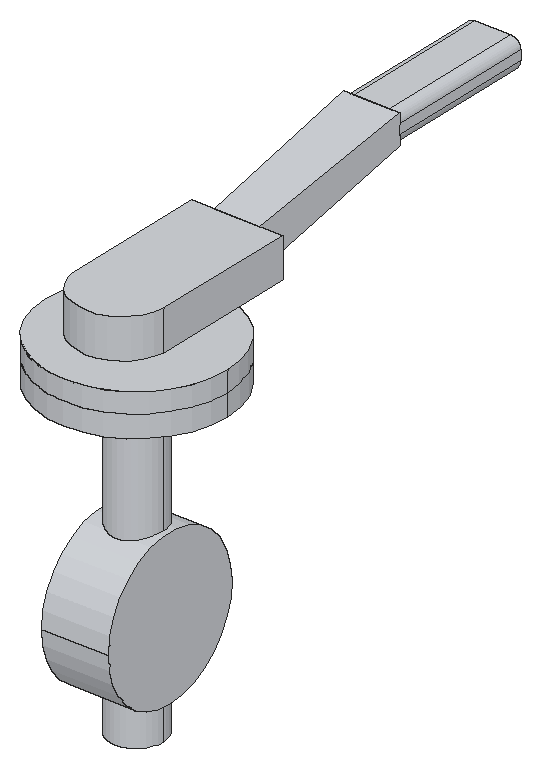
Revit family "HS497-67_disk-litina-s pákou DN040-RFA_2018", category Pipe Accessories, Revit 2018
Family settings
  Round Connector Dimension = Use Diameter
  Part Type = Valve - Breaks Into
  Work Plane-Based = No
  Always vertical = Yes
  Cut with Voids When Loaded = No
  Shared = No
Parameters (values of type "HS 497-67_DN040_PN16_s pákou")
  magiProductId = "c1b522ca65b4407a98818f232eaacb"
  magiProductFamilyId = "53cea81e6f374d17b8841d9c72ad77"
  magiPartTypeId = 305
  isMeasuringValve [instance] = no
  ang2D [instance] = 0.00°
  X11 = 61.456 mm
  X1 = 25.456 mm
  W2D = 1000 mm
  VersionID = "2.0/2017.9.26.1/ZETKAMA_497_001"
  Use Minimum Symbol Size [instance] = yes
  URL = "http://www.hydronic.cz"
  Type Comments = "mezipřírubová; litinový disk; PN16; -10~+110°C (krátkodobě +120°C)"
  SW30 = no
  SW3 = no
  SW21 = no
  SW20 = yes
  SW2 = yes
  SW1 = no
  R = 20 mm
  QmdConnectorList = "301;D;302;D"
  Productdata [instance] = ""
  NC = 50 mm
  Model = ""
  Manufacturer = "Hydronic Systems Prague s.r.o."
  MM20 = 25.456 mm
  MC Product Code = "120 040 (litinový disk, s pákou; DN40; PN16, kvs78)"
  M41 = 66 mm
  M4 = 44 mm
  LHL = 220 mm
  LHH3 = 2.45 mm
  LHH1 = 46.55 mm
  LH1 = 73.333 mm
  L4R__ve = -L4R  # -12.8 mm
  L4R = 12.8 mm
  L42__ve = -L42  # -96 mm
  L42 = 96 mm
  L41__ve = -L41  # -19.2 mm
  L41 = 19.2 mm
  L2D_Min = 3048 mm
  L2D = 216 mm
  L2 = 16.5 mm
  L1 = 26.4 mm
  L = 33 mm
  H = 30 mm
  G22 = 11.25 mm
  G2 = 22.5 mm
  G1 = 90 mm
  G = 90 mm
  F = 11 mm
  E44 = 31.25 mm
  E42 = 62.5 mm
  E4 = 125 mm
  E23 = 4.9 mm
  E22 = 19.6 mm
  E21 = 9.8 mm
  Description = "Mezipřírubová uzavírací klapka s pákou; litinový disk, DN40; PN16; kvs78"
  DR2 = 20 mm
  DR = 76 mm
  DD1 = 15.625 mm
  DD = 12.5 mm
  D = 40 mm
  CAT0 = yes
  B2__ve = -B2  # -36 mm
  B2 = 36 mm
  A2 = 11 mm
  A1 = 79 mm
Types (43, lengths in mm): name | magiProductId | X11 | X1 | Type Comments | SW30 | SW3 | SW20 | SW2 | SW1 | R | NC | MM20 | MC Product Code | M41 | M4 | LHL | LHH3 | LHH1 | LH1 | L4R__ve | L4R | L42__ve | L42 | L41__ve | L41 | L2 | L1 | L | H | G | F | E44 | E42 | E4 | E23 | E22 | E21 | Description | DR2 | DR | DD1 | DD | D | B2__ve | B2 | A2 | A1
  HS 497-67_DN100_PN16_volné vřeteno | "65d1b245f4f142c78569c0602d5754" | 61.456 | 25.456 | "mezipřírubová; litinový disk; PN16; -10~+110°C (krátkodobě +120°C)" | no | no | no | no | yes | 50 | 50 | 25.456 | "123 100 (litinový disk, s volným vřetenem; DN100; PN16, kvs512)" | 66 | 44 | 220 | 2.45 | 46.55 | 73.333 | -12.8 | 12.8 | -96 | 96 | -19.2 | 19.2 | 26 | 41.6 | 52 | 30 | 90 | 11 | 31.25 | 62.5 | 125 | 4.9 | 19.6 | 9.8 | "Mezipřírubová uzavírací klapka s volným vřetenem; litinový disk, DN100; PN16; kvs512" | 50 | 147 | 15.625 | 12.5 | 100 | -56 | 56 | 16.5 | 98.5
  HS 497-67_DN100_PN16_převodové kolo | "11e91b807e674d428c8e796fcdcfe2" | 61.456 | 25.456 | "mezipřírubová; litinový disk; PN16; -10~+110°C (krátkodobě +120°C)" | yes | yes | no | no | no | 50 | 50 | 25.456 | "125 100 (litinový disk, s převodovým kolem; DN100; PN16, kvs512)" | 65.25 | 43.5 | 220 | 2.45 | 46.55 | 73.333 | -12.8 | 12.8 | -96 | 96 | -19.2 | 19.2 | 26 | 41.6 | 52 | 30 | 90 | 11 | 31.25 | 62.5 | 125 | 4.9 | 19.6 | 9.8 | "Mezipřírubová uzavírací klapka s převodovým kolem; litinový disk, DN100; PN16; kvs512" | 50 | 147 | 15.625 | 12.5 | 100 | -56 | 56 | 16.5 | 98.5
  HS 497-67_DN100_PN16_s pákou | "28172f0b3f4b47b28323ac71cf8749" | 61.456 | 25.456 | "mezipřírubová; litinový disk; PN16; -10~+110°C (krátkodobě +120°C)" | no | no | yes | yes | no | 50 | 50 | 25.456 | "120 100 (litinový disk, s pákou; DN100; PN16, kvs512)" | 66 | 44 | 260 | 3 | 57 | 86.667 | -12.8 | 12.8 | -96 | 96 | -19.2 | 19.2 | 26 | 41.6 | 52 | 30 | 90 | 11 | 31.25 | 62.5 | 125 | 6 | 24 | 12 | "Mezipřírubová uzavírací klapka s pákou; litinový disk, DN100; PN16; kvs512" | 50 | 147 | 15.625 | 12.5 | 100 | -56 | 56 | 16.5 | 98.5
  HS 497-67_DN125_PN16_volné vřeteno | "0d813d910fc14f628bb3c2efbd185c" | 61.456 | 25.456 | "mezipřírubová; litinový disk; PN16; -10~+110°C (krátkodobě +120°C)" | no | no | no | no | yes | 62.5 | 50 | 25.456 | "123 125 (litinový disk, s volným vřetenem; DN125; PN16, kvs872)" | 66 | 44 | 220 | 2.45 | 46.55 | 73.333 | -12.8 | 12.8 | -96 | 96 | -19.2 | 19.2 | 28 | 44.8 | 56 | 33 | 90 | 14 | 31.25 | 62.5 | 125 | 4.9 | 19.6 | 9.8 | "Mezipřírubová uzavírací klapka s volným vřetenem; litinový disk, DN125; PN16; kvs872" | 62.5 | 180 | 15.625 | 12.5 | 125 | -64 | 64 | 18 | 99.5
  HS 497-67_DN125_PN16_převodové kolo | "c56b7c13f372467684996fb1e0e229" | 61.456 | 25.456 | "mezipřírubová; litinový disk; PN16; -10~+110°C (krátkodobě +120°C)" | yes | yes | no | no | no | 62.5 | 50 | 25.456 | "125 125 (litinový disk, s převodovým kolem; DN125; PN16, kvs872)" | 65.25 | 43.5 | 220 | 2.45 | 46.55 | 73.333 | -13.5 | 13.5 | -101.25 | 101.25 | -20.25 | 20.25 | 28 | 44.8 | 56 | 33 | 90 | 14 | 40 | 80 | 160 | 4.9 | 19.6 | 9.8 | "Mezipřírubová uzavírací klapka s převodovým kolem; litinový disk, DN125; PN16; kvs872" | 62.5 | 180 | 20 | 16 | 125 | -64 | 64 | 18 | 99.5
  HS 497-67_DN125_PN16_s pákou | "105993c79a91492399feef7931321a" | 61.456 | 25.456 | "mezipřírubová; litinový disk; PN16; -10~+110°C (krátkodobě +120°C)" | no | no | yes | yes | no | 62.5 | 50 | 25.456 | "120 125 (litinový disk, s pákou; DN125; PN16, kvs872)" | 66 | 44 | 315 | 3.75 | 71.25 | 105 | -12.8 | 12.8 | -96 | 96 | -19.2 | 19.2 | 28 | 44.8 | 56 | 33 | 90 | 14 | 31.25 | 62.5 | 125 | 7.5 | 30 | 15 | "Mezipřírubová uzavírací klapka s pákou; litinový disk, DN125; PN16; kvs872" | 62.5 | 180 | 15.625 | 12.5 | 125 | -64 | 64 | 18 | 99.5
  HS 497-67_DN150_PN16_volné vřeteno | "50c80cb8ab434f55ab7796e5ac1331" | 61.456 | 25.456 | "mezipřírubová; litinový disk; PN16; -10~+110°C (krátkodobě +120°C)" | no | no | no | no | yes | 75 | 50 | 25.456 | "123 150 (litinový disk, s volným vřetenem; DN150; PN16, kvs1347)" | 66 | 44 | 220 | 2.45 | 46.55 | 73.333 | -12.8 | 12.8 | -96 | 96 | -19.2 | 19.2 | 28 | 44.8 | 56 | 33 | 90 | 14 | 31.25 | 62.5 | 125 | 4.9 | 19.6 | 9.8 | "Mezipřírubová uzavírací klapka s volným vřetenem; litinový disk, DN150; PN16; kvs1347" | 75 | 206 | 15.625 | 12.5 | 150 | -58 | 58 | 19.3 | 98.7
  HS 497-67_DN150_PN16_převodové kolo | "d94a1a0cf83b476eb10011b327f709" | 61.456 | 25.456 | "mezipřírubová; litinový disk; PN16; -10~+110°C (krátkodobě +120°C)" | yes | yes | no | no | no | 75 | 50 | 25.456 | "125 150 (litinový disk, s převodovým kolem; DN150; PN16, kvs1347)" | 65.25 | 43.5 | 220 | 2.45 | 46.55 | 73.333 | -13.5 | 13.5 | -101.25 | 101.25 | -20.25 | 20.25 | 28 | 44.8 | 56 | 33 | 90 | 14 | 40 | 80 | 160 | 4.9 | 19.6 | 9.8 | "Mezipřírubová uzavírací klapka s převodovým kolem; litinový disk, DN150; PN16; kvs1347" | 75 | 206 | 20 | 16 | 150 | -58 | 58 | 19.3 | 98.7
  HS 497-67_DN150_PN16_s pákou | "4d2835523fe84828bc50ff0a5a0dfb" | 61.456 | 25.456 | "mezipřírubová; litinový disk; PN16; -10~+110°C (krátkodobě +120°C)" | no | no | yes | yes | no | 75 | 50 | 25.456 | "120 150 (litinový disk, s pákou; DN150; PN16, kvs1347)" | 66 | 44 | 315 | 3.75 | 71.25 | 105 | -12.8 | 12.8 | -96 | 96 | -19.2 | 19.2 | 28 | 44.8 | 56 | 33 | 90 | 14 | 31.25 | 62.5 | 125 | 7.5 | 30 | 15 | "Mezipřírubová uzavírací klapka s pákou; litinový disk, DN150; PN16; kvs1347" | 75 | 206 | 15.625 | 12.5 | 150 | -58 | 58 | 19.3 | 98.7
  HS 497-67_DN200_PN16_volné vřeteno | "5b29029eaeba47139ee1055a4b9201" | 61.456 | 25.456 | "mezipřírubová; litinový disk; PN16; -10~+110°C (krátkodobě +120°C)" | no | no | no | no | yes | 100 | 50 | 25.456 | "123 200 (litinový disk, s volným vřetenem; DN200; PN16, kvs2675)" | 66 | 44 | 220 | 2.45 | 46.55 | 73.333 | -12.8 | 12.8 | -96 | 96 | -19.2 | 19.2 | 30 | 48 | 60 | 33 | 90 | 17 | 31.25 | 62.5 | 125 | 4.9 | 19.6 | 9.8 | "Mezipřírubová uzavírací klapka s volným vřetenem; litinový disk, DN200; PN16; kvs2675" | 100 | 257 | 15.625 | 12.5 | 200 | -70 | 70 | 22.5 | 102.5
  HS 497-67_DN200_PN16_převodové kolo | "b2793cc1fcc44cf2a35062cd67c04f" | 61.456 | 25.456 | "mezipřírubová; litinový disk; PN16; -10~+110°C (krátkodobě +120°C)" | yes | yes | no | no | no | 100 | 57 | 25.456 | "125 200 (litinový disk, s převodovým kolem; DN200; PN16, kvs2675)" | 78.75 | 52.5 | 220 | 2.45 | 46.55 | 73.333 | -15.2 | 15.2 | -114 | 114 | -22.8 | 22.8 | 30 | 48 | 60 | 33 | 90 | 17 | 50 | 100 | 200 | 4.9 | 19.6 | 9.8 | "Mezipřírubová uzavírací klapka s převodovým kolem; litinový disk, DN200; PN16; kvs2675" | 100 | 257 | 25 | 20 | 200 | -70 | 70 | 22.5 | 102.5
  HS 497-67_DN200_PN16_s pákou | "f88d96c7af224537a51e72d7d8fffe" | 61.456 | 25.456 | "mezipřírubová; litinový disk; PN16; -10~+110°C (krátkodobě +120°C)" | no | no | yes | yes | no | 100 | 50 | 25.456 | "120 200 (litinový disk, s pákou; DN200; PN16, kvs2675)" | 66 | 44 | 315 | 3.75 | 71.25 | 105 | -12.8 | 12.8 | -96 | 96 | -19.2 | 19.2 | 30 | 48 | 60 | 33 | 90 | 17 | 31.25 | 62.5 | 125 | 7.5 | 30 | 15 | "Mezipřírubová uzavírací klapka s pákou; litinový disk, DN200; PN16; kvs2675" | 100 | 257 | 15.625 | 12.5 | 200 | -70 | 70 | 22.5 | 102.5
  HS 497-67_DN250_PN16_volné vřeteno | "b662e8305ca2402b9c510e66e6aa55" | 88.77 | 36.77 | "mezipřírubová; litinový disk; PN16; -10~+110°C (krátkodobě +120°C)" | no | no | no | no | yes | 125 | 50 | 36.77 | "123 250 (litinový disk, s volným vřetenem; DN250; PN16, kvs4555)" | 66 | 44 | 220 | 2.45 | 46.55 | 73.333 | -12.8 | 12.8 | -96 | 96 | -19.2 | 19.2 | 34 | 54.4 | 68 | 23 | 130 | 22 | 31.25 | 62.5 | 125 | 4.9 | 19.6 | 9.8 | "Mezipřírubová uzavírací klapka s volným vřetenem; litinový disk, DN250; PN16; kvs4555" | 125 | 324 | 15.625 | 12.5 | 250 | -85 | 85 | 28.25 | 129.25
  HS 497-67_DN250_PN16_převodové kolo | "5ee9016806664ddfaa2632711f295c" | 88.77 | 36.77 | "mezipřírubová; litinový disk; PN16; -10~+110°C (krátkodobě +120°C)" | yes | yes | no | no | no | 125 | 70 | 36.77 | "125 250 (litinový disk, s převodovým kolem; DN250; PN16, kvs4555)" | 91.5 | 61 | 220 | 2.45 | 46.55 | 73.333 | -22.2 | 22.2 | -166.5 | 166.5 | -33.3 | 33.3 | 34 | 54.4 | 68 | 23 | 130 | 22 | 62.5 | 125 | 250 | 4.9 | 19.6 | 9.8 | "Mezipřírubová uzavírací klapka s převodovým kolem; litinový disk, DN250; PN16; kvs4555" | 125 | 324 | 31.25 | 25 | 250 | -85 | 85 | 28.25 | 129.25
  HS 497-67_DN300_PN16_volné vřeteno | "e1886f51ff004380a649519258edf2" | 88.77 | 36.77 | "mezipřírubová; litinový disk; PN16; -10~+110°C (krátkodobě +120°C)" | no | no | no | no | yes | 150 | 50 | 36.77 | "123 300 (litinový disk, s volným vřetenem; DN300; PN16, kvs7037)" | 66 | 44 | 220 | 2.45 | 46.55 | 73.333 | -12.8 | 12.8 | -96 | 96 | -19.2 | 19.2 | 39 | 62.4 | 78 | 23 | 130 | 22 | 31.25 | 62.5 | 125 | 4.9 | 19.6 | 9.8 | "Mezipřírubová uzavírací klapka s volným vřetenem; litinový disk, DN300; PN16; kvs7037" | 150 | 376 | 15.625 | 12.5 | 300 | -90 | 90 | 30.8 | 127.2
  HS 497-67_DN300_PN16_převodové kolo | "6860f094f77d42088fbebc3c97f755" | 88.77 | 36.77 | "mezipřírubová; litinový disk; PN16; -10~+110°C (krátkodobě +120°C)" | yes | yes | no | no | no | 150 | 70 | 36.77 | "125 300 (litinový disk, s převodovým kolem; DN300; PN16, kvs7037)" | 91.5 | 61 | 220 | 2.45 | 46.55 | 73.333 | -22.2 | 22.2 | -166.5 | 166.5 | -33.3 | 33.3 | 39 | 62.4 | 78 | 23 | 130 | 22 | 62.5 | 125 | 250 | 4.9 | 19.6 | 9.8 | "Mezipřírubová uzavírací klapka s převodovým kolem; litinový disk, DN300; PN16; kvs7037" | 150 | 376 | 31.25 | 25 | 300 | -90 | 90 | 30.8 | 127.2
  HS 497-67_DN032_PN16_volné vřeteno | "8c5f65de52aa4067a77564107e31b2" | 61.456 | 25.456 | "mezipřírubová; litinový disk; PN16; -10~+110°C (krátkodobě +120°C)" | no | no | no | no | yes | 16 | 50 | 25.456 | "123 032 (litinový disk, s volným vřetenem; DN32; PN16, kvs78)" | 66 | 44 | 220 | 2.45 | 46.55 | 73.333 | -12.8 | 12.8 | -96 | 96 | -19.2 | 19.2 | 16.5 | 26.4 | 33 | 30 | 90 | 11 | 31.25 | 62.5 | 125 | 4.9 | 19.6 | 9.8 | "Mezipřírubová uzavírací klapka s volným vřetenem; litinový disk, DN32; PN16; kvs78" | 16 | 68 | 15.625 | 12.5 | 32 | -44.2 | 44.2 | 10.25 | 76.25
  HS 497-67_DN032_PN16_převodové kolo | "60aaeffa8b3a4e809ef000e4660060" | 61.456 | 25.456 | "mezipřírubová; litinový disk; PN16; -10~+110°C (krátkodobě +120°C)" | yes | yes | no | no | no | 16 | 50 | 25.456 | "125 032 (litinový disk, s převodovým kolem; DN32; PN16, kvs78)" | 65.25 | 43.5 | 220 | 2.45 | 46.55 | 73.333 | -12.8 | 12.8 | -96 | 96 | -19.2 | 19.2 | 16.5 | 26.4 | 33 | 30 | 90 | 11 | 31.25 | 62.5 | 125 | 4.9 | 19.6 | 9.8 | "Mezipřírubová uzavírací klapka s převodovým kolem; litinový disk, DN32; PN16; kvs78" | 16 | 68 | 15.625 | 12.5 | 32 | -44.2 | 44.2 | 10.25 | 76.25
  HS 497-67_DN032_PN16_s pákou | "9ad8088d610749a1b871aa2aad8007" | 61.456 | 25.456 | "mezipřírubová; litinový disk; PN16; -10~+110°C (krátkodobě +120°C)" | no | no | yes | yes | no | 16 | 50 | 25.456 | "120 032 (litinový disk, s pákou; DN32; PN16, kvs78)" | 66 | 44 | 220 | 2.45 | 46.55 | 73.333 | -12.8 | 12.8 | -96 | 96 | -19.2 | 19.2 | 16.5 | 26.4 | 33 | 30 | 90 | 11 | 31.25 | 62.5 | 125 | 4.9 | 19.6 | 9.8 | "Mezipřírubová uzavírací klapka s pákou; litinový disk, DN32; PN16; kvs78" | 16 | 68 | 15.625 | 12.5 | 32 | -44.2 | 44.2 | 10.25 | 76.25
  HS 497-67_DN350_PN10_volné vřeteno | "72a1e05f22944421b7e9596a877137" | 109.255 | 45.255 | "mezipřírubová; litinový disk; PN10; -10~+110°C (krátkodobě +120°C)" | no | no | no | no | yes | 175 | 50 | 45.255 | "123 350 (litinový disk, s volným vřetenem; DN350; PN10, kvs10165)" | 66 | 44 | 220 | 2.45 | 46.55 | 73.333 | -12.8 | 12.8 | -96 | 96 | -19.2 | 19.2 | 39 | 62.4 | 78 | 31 | 160 | 22 | 31.25 | 62.5 | 125 | 4.9 | 19.6 | 9.8 | "Mezipřírubová uzavírací klapka s volným vřetenem; litinový disk, DN350; PN10; kvs10165" | 175 | 430 | 15.625 | 12.5 | 350 | -88 | 88 | 33.85 | 129.65
  HS 497-67_DN350_PN10_převodové kolo | "a5a01426cb28494ba3afca92f1dace" | 109.255 | 45.255 | "mezipřírubová; litinový disk; PN10; -10~+110°C (krátkodobě +120°C)" | yes | yes | no | no | no | 175 | 70 | 45.255 | "125 350 (litinový disk, s převodovým kolem; DN350; PN10, kvs10165)" | 91.5 | 61 | 220 | 2.45 | 46.55 | 73.333 | -22.2 | 22.2 | -166.5 | 166.5 | -33.3 | 33.3 | 39 | 62.4 | 78 | 31 | 160 | 22 | 62.5 | 125 | 250 | 4.9 | 19.6 | 9.8 | "Mezipřírubová uzavírací klapka s převodovým kolem; litinový disk, DN350; PN10; kvs10165" | 175 | 430 | 31.25 | 25 | 350 | -88 | 88 | 33.85 | 129.65
  HS 497-67_DN400_PN10_volné vřeteno | "c70ebeb927c04ab99b176e257ad0a7" | 109.255 | 45.255 | "mezipřírubová; litinový disk; PN10; -10~+110°C (krátkodobě +120°C)" | no | no | no | no | yes | 200 | 50 | 45.255 | "123 400 (litinový disk, s volným vřetenem; DN400; PN10, kvs13799)" | 66 | 44 | 220 | 2.45 | 46.55 | 73.333 | -12.8 | 12.8 | -96 | 96 | -19.2 | 19.2 | 51 | 81.6 | 102 | 31 | 160 | 27 | 31.25 | 62.5 | 125 | 4.9 | 19.6 | 9.8 | "Mezipřírubová uzavírací klapka s volným vřetenem; litinový disk, DN400; PN10; kvs13799" | 200 | 485 | 15.625 | 12.5 | 400 | -108 | 108 | 38 | 142
  HS 497-67_DN400_PN10_převodové kolo | "cc64a4384dcb41b780d81810f4f293" | 109.255 | 45.255 | "mezipřírubová; litinový disk; PN10; -10~+110°C (krátkodobě +120°C)" | yes | yes | no | no | no | 200 | 72.5 | 45.255 | "125 400 (litinový disk, s převodovým kolem; DN400; PN10, kvs13799)" | 103.5 | 69 | 220 | 2.45 | 46.55 | 73.333 | -27.8 | 27.8 | -208.5 | 208.5 | -41.7 | 41.7 | 51 | 81.6 | 102 | 31 | 160 | 27 | 75 | 150 | 300 | 4.9 | 19.6 | 9.8 | "Mezipřírubová uzavírací klapka s převodovým kolem; litinový disk, DN400; PN10; kvs13799" | 200 | 485 | 37.5 | 30 | 400 | -108 | 108 | 38 | 142
  HS 497-67_DN040_PN16_volné vřeteno | "35f92312390745e88df5b5c325d9ee" | 61.456 | 25.456 | "mezipřírubová; litinový disk; PN16; -10~+110°C (krátkodobě +120°C)" | no | no | no | no | yes | 20 | 50 | 25.456 | "123 040 (litinový disk, s volným vřetenem; DN40; PN16, kvs78)" | 66 | 44 | 220 | 2.45 | 46.55 | 73.333 | -12.8 | 12.8 | -96 | 96 | -19.2 | 19.2 | 16.5 | 26.4 | 33 | 30 | 90 | 11 | 31.25 | 62.5 | 125 | 4.9 | 19.6 | 9.8 | "Mezipřírubová uzavírací klapka s volným vřetenem; litinový disk, DN40; PN16; kvs78" | 20 | 76 | 15.625 | 12.5 | 40 | -36 | 36 | 11 | 79
  HS 497-67_DN040_PN16_převodové kolo | "d88e968eae3445bc9b7b4e6ff35127" | 61.456 | 25.456 | "mezipřírubová; litinový disk; PN16; -10~+110°C (krátkodobě +120°C)" | yes | yes | no | no | no | 20 | 50 | 25.456 | "125 040 (litinový disk, s převodovým kolem; DN40; PN16, kvs78)" | 65.25 | 43.5 | 220 | 2.45 | 46.55 | 73.333 | -12.8 | 12.8 | -96 | 96 | -19.2 | 19.2 | 16.5 | 26.4 | 33 | 30 | 90 | 11 | 31.25 | 62.5 | 125 | 4.9 | 19.6 | 9.8 | "Mezipřírubová uzavírací klapka s převodovým kolem; litinový disk, DN40; PN16; kvs78" | 20 | 76 | 15.625 | 12.5 | 40 | -36 | 36 | 11 | 79
  HS 497-67_DN040_PN16_s pákou | "c1b522ca65b4407a98818f232eaacb" | 61.456 | 25.456 | "mezipřírubová; litinový disk; PN16; -10~+110°C (krátkodobě +120°C)" | no | no | yes | yes | no | 20 | 50 | 25.456 | "120 040 (litinový disk, s pákou; DN40; PN16, kvs78)" | 66 | 44 | 220 | 2.45 | 46.55 | 73.333 | -12.8 | 12.8 | -96 | 96 | -19.2 | 19.2 | 16.5 | 26.4 | 33 | 30 | 90 | 11 | 31.25 | 62.5 | 125 | 4.9 | 19.6 | 9.8 | "Mezipřírubová uzavírací klapka s pákou; litinový disk, DN40; PN16; kvs78" | 20 | 76 | 15.625 | 12.5 | 40 | -36 | 36 | 11 | 79
  HS 497-67_DN450_PN10_volné vřeteno | "a8358bc282f14872b3194e530e590a" | 129.74 | 53.74 | "mezipřírubová; litinový disk; PN10; -10~+110°C (krátkodobě +120°C)" | no | no | no | no | yes | 225 | 50 | 53.74 | "123 450 (litinový disk, s volným vřetenem; DN450; PN10, kvs18514)" | 66 | 44 | 220 | 2.45 | 46.55 | 73.333 | -12.8 | 12.8 | -96 | 96 | -19.2 | 19.2 | 57 | 91.2 | 114 | 38 | 190 | 36 | 31.25 | 62.5 | 125 | 4.9 | 19.6 | 9.8 | "Mezipřírubová uzavírací klapka s volným vřetenem; litinový disk, DN450; PN10; kvs18514" | 225 | 536 | 15.625 | 12.5 | 450 | -115 | 115 | 38.05 | 117.45
  HS 497-67_DN450_PN10_převodové kolo | "cdf2d80f54a9414f9cbe50647c0ebd" | 129.74 | 53.74 | "mezipřírubová; litinový disk; PN10; -10~+110°C (krátkodobě +120°C)" | yes | yes | no | no | no | 225 | 91.5 | 53.74 | "125 450 (litinový disk, s převodovým kolem; DN450; PN10, kvs18514)" | 144.75 | 96.5 | 220 | 2.45 | 46.55 | 73.333 | -32.1 | 32.1 | -240.75 | 240.75 | -48.15 | 48.15 | 57 | 91.2 | 114 | 38 | 190 | 36 | 100 | 200 | 400 | 4.9 | 19.6 | 9.8 | "Mezipřírubová uzavírací klapka s převodovým kolem; litinový disk, DN450; PN10; kvs18514" | 225 | 536 | 50 | 40 | 450 | -115 | 115 | 38.05 | 117.45
  HS 497-67_DN500_PN10_volné vřeteno | "8c396e27bb2743f98f3c762b6517cd" | 143.397 | 59.397 | "mezipřírubová; litinový disk; PN10; -10~+110°C (krátkodobě +120°C)" | no | no | no | no | yes | 250 | 50 | 59.397 | "123 500 (litinový disk, s volným vřetenem; DN500; PN10, kvs23805)" | 66 | 44 | 220 | 2.45 | 46.55 | 73.333 | -12.8 | 12.8 | -96 | 96 | -19.2 | 19.2 | 63.5 | 101.6 | 127 | 38 | 210 | 36 | 31.25 | 62.5 | 125 | 4.9 | 19.6 | 9.8 | "Mezipřírubová uzavírací klapka s volným vřetenem; litinový disk, DN500; PN10; kvs23805" | 250 | 593 | 15.625 | 12.5 | 500 | -130 | 130 | 43.25 | 139.25
  HS 497-67_DN500_PN10_převodové kolo | "7647804f32e94cef828a7034a91a46" | 143.397 | 59.397 | "mezipřírubová; litinový disk; PN10; -10~+110°C (krátkodobě +120°C)" | yes | yes | no | no | no | 250 | 91.5 | 59.397 | "125 500 (litinový disk, s převodovým kolem; DN500; PN10, kvs23805)" | 144.75 | 96.5 | 220 | 2.45 | 46.55 | 73.333 | -32.1 | 32.1 | -240.75 | 240.75 | -48.15 | 48.15 | 63.5 | 101.6 | 127 | 38 | 210 | 36 | 100 | 200 | 400 | 4.9 | 19.6 | 9.8 | "Mezipřírubová uzavírací klapka s převodovým kolem; litinový disk, DN500; PN10; kvs23805" | 250 | 593 | 50 | 40 | 500 | -130 | 130 | 43.25 | 139.25
  HS 497-67_DN050_volné vřeteno | "d71f296ecd6d4adf8f6e5d9853b4e0" | 61.456 | 25.456 | "mezipřírubová; litinový disk; PN16; -10~+110°C (krátkodobě +120°C)" | no | no | no | no | yes | 25 | 50 | 25.456 | "123 050 (litinový disk, s volným vřetenem; DN50; PN16, kvs98)" | 66 | 44 | 220 | 2.45 | 46.55 | 73.333 | -12.8 | 12.8 | -96 | 96 | -19.2 | 19.2 | 21.5 | 34.4 | 43 | 30 | 90 | 11 | 31.25 | 62.5 | 125 | 4.9 | 19.6 | 9.8 | "Mezipřírubová uzavírací klapka s volným vřetenem; litinový disk, DN50; PN16; kvs98" | 25 | 100 | 15.625 | 12.5 | 50 | -36.5 | 36.5 | 12 | 83
  HS 497-67_DN050_PN16_převodové kolo | "2fb080deeaed49c58418b94c1da5a4" | 61.456 | 25.456 | "mezipřírubová; litinový disk; PN16; -10~+110°C (krátkodobě +120°C)" | yes | yes | no | no | no | 25 | 50 | 25.456 | "125 050 (litinový disk, s převodovým kolem; DN50; PN16, kvs98)" | 65.25 | 43.5 | 220 | 2.45 | 46.55 | 73.333 | -12.8 | 12.8 | -96 | 96 | -19.2 | 19.2 | 21.5 | 34.4 | 43 | 30 | 90 | 11 | 31.25 | 62.5 | 125 | 4.9 | 19.6 | 9.8 | "Mezipřírubová uzavírací klapka s převodovým kolem; litinový disk, DN50; PN16; kvs98" | 25 | 100 | 15.625 | 12.5 | 50 | -36.5 | 36.5 | 12 | 83
  HS 497-67_DN050_PN16_s pákou | "dabc632061f94877a994b9b4e68112" | 61.456 | 25.456 | "mezipřírubová; litinový disk; PN16; -10~+110°C (krátkodobě +120°C)" | no | no | yes | yes | no | 25 | 50 | 25.456 | "120 050 (litinový disk, s pákou; DN50; PN16, kvs98)" | 66 | 44 | 220 | 2.45 | 46.55 | 73.333 | -12.8 | 12.8 | -96 | 96 | -19.2 | 19.2 | 21.5 | 34.4 | 43 | 30 | 90 | 11 | 31.25 | 62.5 | 125 | 4.9 | 19.6 | 9.8 | "Mezipřírubová uzavírací klapka s pákou; litinový disk, DN50; PN16; kvs98" | 25 | 100 | 15.625 | 12.5 | 50 | -36.5 | 36.5 | 12 | 83
  HS 497-67_DN600_PN10_volné vřeteno | "99d5892c14664fce81a7c5903f7711" | 143.397 | 59.397 | "mezipřírubová; litinový disk; PN10; -10~+110°C (krátkodobě +120°C)" | no | no | no | no | yes | 300 | 50 | 59.397 | "123 600 (litinový disk, s volným vřetenem; DN600; PN10, kvs36778)" | 66 | 44 | 220 | 2.45 | 46.55 | 73.333 | -12.8 | 12.8 | -96 | 96 | -19.2 | 19.2 | 77 | 123.2 | 154 | 80 | 210 | 60 | 31.25 | 62.5 | 125 | 4.9 | 19.6 | 9.8 | "Mezipřírubová uzavírací klapka s volným vřetenem; litinový disk, DN600; PN10; kvs36788" | 300 | 690 | 15.625 | 12.5 | 600 | -140 | 140 | 49.4 | 144.6
  HS 497-67_DN600_PN10_převodové kolo | "b1e26faab48a4c499f6bb11e7e3002" | 143.397 | 59.397 | "mezipřírubová; litinový disk; PN10; -10~+110°C (krátkodobě +120°C)" | yes | yes | no | no | no | 300 | 140 | 59.397 | "125 600 (litinový disk, s převodovým kolem; DN600; PN10, kvs36778)" | 206.25 | 137.5 | 220 | 2.45 | 46.55 | 73.333 | -40.8 | 40.8 | -306 | 306 | -61.2 | 61.2 | 77 | 123.2 | 154 | 80 | 210 | 60 | 125 | 250 | 500 | 4.9 | 19.6 | 9.8 | "Mezipřírubová uzavírací klapka s převodovým kolem; litinový disk, DN600; PN10; kvs36788" | 300 | 690 | 62.5 | 50 | 600 | -140 | 140 | 49.4 | 144.6
  HS 497-67_DN065_PN16_volné vřeteno | "5e5e208646e34ec29f889baab5d08e" | 61.456 | 25.456 | "mezipřírubová; litinový disk; PN16; -10~+110°C (krátkodobě +120°C)" | no | no | no | no | yes | 32.5 | 50 | 25.456 | "123 065 (litinový disk, s volným vřetenem; DN65; PN16, kvs167)" | 66 | 44 | 220 | 2.45 | 46.55 | 73.333 | -12.8 | 12.8 | -96 | 96 | -19.2 | 19.2 | 23 | 36.8 | 46 | 30 | 90 | 11 | 31.25 | 62.5 | 125 | 4.9 | 19.6 | 9.8 | "Mezipřírubová uzavírací klapka s volným vřetenem; litinový disk, DN65; PN16; kv167" | 32.5 | 108 | 15.625 | 12.5 | 65 | -36.5 | 36.5 | 13.5 | 89
  HS 497-67_DN065_PN16_převodové kolo | "654d74c8d15540b0bfe523d988ccb3" | 61.456 | 25.456 | "mezipřírubová; litinový disk; PN16; -10~+110°C (krátkodobě +120°C)" | yes | yes | no | no | no | 32.5 | 50 | 25.456 | "125 065 (litinový disk, s převodovým kolem; DN65; PN16, kvs167)" | 65.25 | 43.5 | 220 | 2.45 | 46.55 | 73.333 | -12.8 | 12.8 | -96 | 96 | -19.2 | 19.2 | 23 | 36.8 | 46 | 30 | 90 | 11 | 31.25 | 62.5 | 125 | 4.9 | 19.6 | 9.8 | "Mezipřírubová uzavírací klapka s převodovým kolem; litinový disk, DN65; PN16; kvs167" | 32.5 | 108 | 15.625 | 12.5 | 65 | -36.5 | 36.5 | 13.5 | 89
  HS 497-67_DN065_PN16_s pákou | "ebeb4b59db0641caaf6d6635ab37b9" | 61.456 | 25.456 | "mezipřírubová; litinový disk; PN16; -10~+110°C (krátkodobě +120°C)" | no | no | yes | yes | no | 32.5 | 50 | 25.456 | "120 065 (litinový disk, s pákou; DN65; PN16, kvs167)" | 66 | 44 | 220 | 2.45 | 46.55 | 73.333 | -12.8 | 12.8 | -96 | 96 | -19.2 | 19.2 | 23 | 36.8 | 46 | 30 | 90 | 11 | 31.25 | 62.5 | 125 | 4.9 | 19.6 | 9.8 | "Mezipřírubová uzavírací klapka s pákou; litinový disk, DN65; PN16; kvs167" | 32.5 | 108 | 15.625 | 12.5 | 65 | -36.5 | 36.5 | 13.5 | 89
  HS 497-67_DN080_PN16_volné vřeteno | "9e85c75c18654e1185a9c48ed6b00e" | 61.456 | 25.456 | "mezipřírubová; litinový disk; PN16; -10~+110°C (krátkodobě +120°C)" | no | no | no | no | yes | 40 | 50 | 25.456 | "123 080 (litinový disk, s volným vřetenem; DN80; PN16, kvs258)" | 66 | 44 | 220 | 2.45 | 46.55 | 73.333 | -12.8 | 12.8 | -96 | 96 | -19.2 | 19.2 | 23 | 36.8 | 46 | 30 | 90 | 11 | 31.25 | 62.5 | 125 | 4.9 | 19.6 | 9.8 | "Mezipřírubová uzavírací klapka s volným vřetenem; litinový disk, DN80; PN16; kvs258" | 40 | 124 | 15.625 | 12.5 | 80 | -54 | 54 | 14.1 | 86.9
  HS 497-67_DN080_PN16_převodové kolo | "5b3c8238c3d041e68c75b199e7ea46" | 61.456 | 25.456 | "mezipřírubová; litinový disk; PN16; -10~+110°C (krátkodobě +120°C)" | yes | yes | no | no | no | 40 | 50 | 25.456 | "125 080 (litinový disk, s převodovým kolem; DN80; PN16, kvs258)" | 65.25 | 43.5 | 220 | 2.45 | 46.55 | 73.333 | -12.8 | 12.8 | -96 | 96 | -19.2 | 19.2 | 23 | 36.8 | 46 | 30 | 90 | 11 | 31.25 | 62.5 | 125 | 4.9 | 19.6 | 9.8 | "Mezipřírubová uzavírací klapka s převodovým kolem; litinový disk, DN80; PN16; kvs258" | 40 | 124 | 15.625 | 12.5 | 80 | -54 | 54 | 14.1 | 86.9
  HS 497-67_DN080_PN16_s pákou | "e414795fab0f4eccb99bc3572c5477" | 61.456 | 25.456 | "mezipřírubová; litinový disk; PN16; -10~+110°C (krátkodobě +120°C)" | no | no | yes | yes | no | 40 | 50 | 25.456 | "120 080 (litinový disk, s pákou; DN80; PN16, kvs258)" | 66 | 44 | 260 | 3 | 57 | 86.667 | -12.8 | 12.8 | -96 | 96 | -19.2 | 19.2 | 23 | 36.8 | 46 | 30 | 90 | 11 | 31.25 | 62.5 | 125 | 6 | 24 | 12 | "Mezipřírubová uzavírací klapka s pákou; litinový disk, DN80; PN16; kvs258" | 40 | 124 | 15.625 | 12.5 | 80 | -54 | 54 | 14.1 | 86.9
  HS 497-67_DN250_PN16_s pákou | "" | 88.77 | 36.77 | "mezipřírubová; litinový disk; PN16; -10~+110°C (krátkodobě +120°C)" | no | no | yes | yes | no | 125 | 70 | 36.77 | "120 250 (litinový disk, s pákou; DN250; PN16, kvs4555)" | 91.5 | 61 | 220 | 2.45 | 46.55 | 73.333 | -22.2 | 22.2 | -166.5 | 166.5 | -33.3 | 33.3 | 34 | 54.4 | 68 | 23 | 130 | 22 | 62.5 | 125 | 250 | 4.9 | 19.6 | 9.8 | "Mezipřírubová uzavírací klapka s pákou; litinový disk, DN250; PN16; kvs4555" | 125 | 324 | 31.25 | 25 | 250 | -85 | 85 | 28.25 | 129.25
  HS 497-67_DN300_PN16_s pákou | "" | 88.77 | 36.77 | "mezipřírubová; litinový disk; PN16; -10~+110°C (krátkodobě +120°C)" | no | no | yes | yes | no | 150 | 70 | 36.77 | "120 300 (litinový disk, s pákou; DN300; PN16, kvs7037)" | 91.5 | 61 | 220 | 2.45 | 46.55 | 73.333 | -22.2 | 22.2 | -166.5 | 166.5 | -33.3 | 33.3 | 39 | 62.4 | 78 | 23 | 130 | 22 | 62.5 | 125 | 250 | 4.9 | 19.6 | 9.8 | "Mezipřírubová uzavírací klapka s pákou; litinový disk, DN300; PN16; kvs7037" | 150 | 376 | 31.25 | 25 | 300 | -90 | 90 | 30.8 | 127.2
Reference planes
  plane 1 "Center (Front/Back)": y = 0
  plane 2 "XYPLANE": z = 0
  plane 3 "Center (Left/Right)": x = 0
  plane 4 "473": x = -25.456
  plane 5 "472": x = -66
  plane 6 "471": y = -25.456
  plane 7 "470": y = 25.456
  plane 8 "469": x = -44
  plane 9 "468": y = -115.2
  plane 10 "467": y = -96
  plane 11 "466": z = 141.25
  plane 12 "465": z = 156.55
  plane 13 "464": y = 145.417
  plane 14 "463": z = 146.75
  plane 15 "462": z = 129.6
  plane 16 "461": z = 139.4
  plane 17 "460": y = 72.083
  plane 18 "459": x = -11.25
  plane 19 "458": x = 11.25
  plane 20 "457": y = -6.25
  plane 21 "456": x = -17.5
  plane 22 "455": x = 17.5
  plane 23 "454": z = 144.3
  plane 24 "453": y = 62.083
  plane 25 "452": y = -11.25
  plane 26 "451": x = -22.5
  plane 27 "450": x = 22.5
  plane 28 "449": z = 124.7
  plane 29 "448": z = 119.8
  plane 30 "447": z = -20
  plane 31 "446": z = 110
  plane 32 "445": z = 99
  plane 33 "444": z = 20
  plane 34 "443": x = 16.5
  plane 35 "442": x = -16.5
  plane 36 "441": z = 0
  plane 37 "440": y = 0
  plane 38 "439": x = 0
  plane 39 "438": z = 159
  plane 40 "437": z = 144.3
  plane 41 "436": x = 13.7
  plane 42 "435": x = -13.7
  plane 43 "434": y = 220
Forms (mm)
  Extrusion 1, solid, visible <- "SW3"
    sketch origin (-750, 0, 110) x (1, 0, 0) y (0, 1, 0)
      loop
        line (684, 25.456) -> (684, -25.456) -> (724.544, -25.456)
        arc (724.544, -25.456) -> (786, 0) -> (724.544, 25.456) r 36
        line (724.544, 25.456) -> (684, 25.456)
    from 0 to 62.5 <- "E42"
  Extrusion 2, solid, visible <- "SW30"
    sketch origin (0, -750, 0) x (0, 1, 0) y (0, 0, 1)
      loop
        circle (750, 141.25) r 7.813
    from 0 to 50 <- "NC"
  Extrusion 3, solid, visible <- "SW30"
    sketch origin (750, -115.2, 0) x (-1, 0, 0) y (0, 0, 1)
      loop
        circle (794, 141.25) r 62.5
    from 0 to -12.8 <- "L4R__ve"
  Extrusion 4, solid, visible <- "SW3"
    sketch origin (750, -96, 0) x (-1, 0, 0) y (0, 0, 1)
      loop
        circle (794, 141.25) r 7.813
    from 0 to -19.2 <- "L41__ve"
  Extrusion 5, solid, visible <- "SW30"
    sketch origin (750, 0, 0) x (-1, 0, 0) y (0, 0, 1)
      loop
        circle (794, 141.25) r 6.25
    from 0 to -96 <- "L42__ve"
  Blend 6, solid, visible <- "SW21"
    base sketch origin (750, 72.083, 0) x (-1, 0, 0) y (0, 0, 1)
      loop
        line (761.25, 139.4) -> (738.75, 139.4) -> (738.75, 129.6) -> (761.25, 129.6) -> (761.25, 139.4)
    top sketch origin (750, 72.083, 0) x (-1, 0, 0) y (0, 0, 1)
      loop
        line (761.25, 156.55) -> (738.75, 156.55) -> (738.75, 146.75) -> (761.25, 146.75) -> (761.25, 156.55)
    from 0 to 73.333
  Blend 7, solid, visible <- "SW21"
    base sketch origin (750, 62.083, 0) x (-1, 0, 0) y (0, 0, 1)
      loop
        line (761.25, 144.3) -> (738.75, 144.3) -> (738.75, 124.7) -> (761.25, 124.7) -> (761.25, 144.3)
    top sketch origin (750, 62.083, 0) x (-1, 0, 0) y (0, 0, 1)
      loop
        line (761.25, 139.4) -> (738.75, 139.4) -> (738.75, 129.6) -> (761.25, 129.6) -> (761.25, 139.4)
    from 0 to 10
  Blend 8, solid, visible <- "SW21"
    base sketch origin (-750, 0, 124.7) x (1, 0, 0) y (0, 1, 0)
      loop
        line (772.5, 62.083) -> (727.5, 62.083) -> (727.5, -11.25)
        arc (727.5, -11.25) -> (750, -31.25) -> (772.5, -11.25) r 22.656
        line (772.5, -11.25) -> (772.5, 62.083)
    top sketch origin (-750, 0, 124.7) x (1, 0, 0) y (0, 1, 0)
      loop
        line (767.5, 62.083) -> (732.5, 62.083) -> (732.5, -6.25)
        arc (732.5, -6.25) -> (750, -26.25) -> (767.5, -6.25) r 17.656
        line (767.5, -6.25) -> (767.5, 62.083)
    from 0 to 19.6
  Extrusion 9, solid, visible <- "SW2"
    sketch origin (-750, 0, 119.8) x (1, 0, 0) y (0, 1, 0)
      loop
        circle (750, 0) r 11.25
    from 0 to 4.9 <- "E23"
  Extrusion 10, solid, visible <- "SW2"
    sketch origin (-750, 0, 110) x (1, 0, 0) y (0, 1, 0)
      loop
        circle (750, 0) r 45
    from 0 to 9.8 <- "E21"
  Extrusion 11, solid, visible <- "CAT0"
    sketch origin (-750, 0, -20) x (1, 0, 0) y (0, 1, 0)
      loop
        circle (750, 0) r 13.2
    from 0 to -36 <- "B2__ve"
  Extrusion 12, solid, visible <- "CAT0"
    sketch origin (-750, 0, 99) x (1, 0, 0) y (0, 1, 0)
      loop
        circle (750, 0) r 45
    from 0 to 11 <- "A2"
  Extrusion 13, solid, visible <- "CAT0"
    sketch origin (-750, 0, 20) x (1, 0, 0) y (0, 1, 0)
      loop
        circle (750, 0) r 13.2
    from 0 to 79 <- "A1"
  Extrusion 14, solid, visible <- "CAT0"
    sketch origin (-16.5, -750, 0) x (0, 1, 0) y (0, 0, 1)
      loop
        circle (750, 0) r 38
    from 0 to 33 <- "L"
  Extrusion 15, solid, visible <- "SW1"
    sketch origin (-750, 0, 110) x (1, 0, 0) y (0, 1, 0)
      loop
        line (755.5, 5.5) -> (744.5, 5.5) -> (744.5, -5.5) -> (755.5, -5.5) -> (755.5, 5.5)
    from 0 to 30 <- "H"
  Blend 16, solid, visible <- "SW2"
    base sketch origin (750, 145.417, 0) x (-1, 0, 0) y (0, 0, 1)
      loop
        arc (763.7, 154) -> (762.236, 157.536) -> (758.7, 159) r 5
        line (758.7, 159) -> (741.3, 159)
        arc (741.3, 159) -> (737.764, 157.536) -> (736.3, 154) r 5
        line (736.3, 154) -> (736.3, 149.3)
        arc (736.3, 149.3) -> (737.764, 145.764) -> (741.3, 144.3) r 5
        line (741.3, 144.3) -> (758.7, 144.3)
        arc (758.7, 144.3) -> (762.236, 145.764) -> (763.7, 149.3) r 5
        line (763.7, 149.3) -> (763.7, 154)
    top sketch origin (750, 145.417, 0) x (-1, 0, 0) y (0, 0, 1)
      loop
        arc (763.7, 154) -> (762.236, 157.536) -> (758.7, 159) r 5
        line (758.7, 159) -> (741.3, 159)
        arc (741.3, 159) -> (737.764, 157.536) -> (736.3, 154) r 5
        line (736.3, 154) -> (736.3, 149.3)
        arc (736.3, 149.3) -> (737.764, 145.764) -> (741.3, 144.3) r 5
        line (741.3, 144.3) -> (758.7, 144.3)
        arc (758.7, 144.3) -> (762.236, 145.764) -> (763.7, 149.3) r 5
        line (763.7, 149.3) -> (763.7, 154)
    from 0 to 74.583
  Blend 17, solid, visible <- "SW20"
    base sketch origin (750, 145.417, 0) x (-1, 0, 0) y (0, 0, 1)
      loop
        line (763.7, 159) -> (736.3, 159) -> (736.3, 144.3) -> (763.7, 144.3) -> (763.7, 159)
    top sketch origin (750, 145.417, 0) x (-1, 0, 0) y (0, 0, 1)
      loop
        line (761.25, 144.3) -> (738.75, 144.3) -> (738.75, 124.7) -> (761.25, 124.7) -> (761.25, 144.3)
    from 0 to -83.333
  Extrusion 18, solid, visible <- "SW20"
    sketch origin (-750, 0, 124.7) x (1, 0, 0) y (0, 1, 0)
      loop
        line (772.5, 62.083) -> (727.5, 62.083) -> (727.5, -11.25)
        arc (727.5, -11.25) -> (750, -31.25) -> (772.5, -11.25) r 22.656
        line (772.5, -11.25) -> (772.5, 62.083)
    from 0 to 19.6 <- "E22"
  Extrusion 19, solid, not visible
    sketch origin (-16.5, -750, 0) x (0, 1, 0) y (0, 0, 1)
      loop
        circle (750, 0) r 10
    from 0 to 10
  Extrusion 20, solid, not visible
    sketch origin (16.5, -750, 0) x (0, 1, 0) y (0, 0, 1)
      loop
        circle (750, 0) r 10
    from 0 to -10
Lines and regions (mm)
  reference lines, not visible
    curve 1: circle (2, 2, 0) r 1 normal (0, 0, 1)
  reference lines
    curve 2: line (-25.456, -25.456, 110) -> (-25.456, 25.456, 110)
    curve 3: line (-17.5, -6.25, 124.7) -> (17.5, -6.25, 124.7)
    curve 4: line (-22.5, -11.25, 124.7) -> (22.5, -11.25, 124.7)
    curve 5: circle (0, 0, 110) r 1 normal (0, 0, 1)
    curve 6: line (-22.5, -11.25, 124.7) -> (22.5, -11.25, 124.7)
Dimensions and locks
  plane 1 "Center (Front/Back)" to curve 1 = 2 mm
  "X1": plane 3 "Center (Left/Right)" to plane 4 "473"
  "M41": plane 3 "Center (Left/Right)" to plane 5 "472"
  "MM20": plane 1 "Center (Front/Back)" to plane 6 "471"
  "MM20": plane 1 "Center (Front/Back)" to plane 7 "470"
  "M4": plane 3 "Center (Left/Right)" to plane 8 "469"
  "L41": plane 10 "467" to plane 9 "468"
  "L42": plane 1 "Center (Front/Back)" to plane 10 "467"
  "E44": plane 31 "446" to plane 11 "466"
  "LHH1": plane 31 "446" to plane 12 "465"
  "LH1": plane 17 "460" to plane 13 "464"
  "E21": plane 12 "465" to plane 14 "463"
  "E21": plane 16 "461" to plane 15 "462"
  "E23": plane 23 "454" to plane 16 "461"
  locked: plane 24 "453" to plane 17 "460" at 10
  "G22": plane 3 "Center (Left/Right)" to plane 18 "459"
  "G22": plane 3 "Center (Left/Right)" to plane 19 "458"
  locked: plane 25 "452" to plane 20 "457" at 5
  locked: plane 26 "451" to plane 21 "456" at 5
  locked: plane 27 "450" to plane 22 "455" at 5
  "E22": plane 28 "449" to plane 23 "454"
  "LH1": plane 25 "452" to plane 24 "453"
  "G22": plane 1 "Center (Front/Back)" to plane 25 "452"
  "G2": plane 3 "Center (Left/Right)" to plane 26 "451"
  "G2": plane 3 "Center (Left/Right)" to plane 27 "450"
  "E23": plane 29 "448" to plane 28 "449"
  "E21": plane 31 "446" to plane 29 "448"
  "R": plane 2 "XYPLANE" to plane 30 "447"
  "A2": plane 32 "445" to plane 31 "446"
  "A1": plane 33 "444" to plane 32 "445"
  "DR2": plane 2 "XYPLANE" to plane 33 "444"
  "L2": plane 3 "Center (Left/Right)" to plane 34 "443"
  "L2": plane 3 "Center (Left/Right)" to plane 35 "442"
  locked: plane 2 "XYPLANE" to plane 36 "441"
  locked: plane 1 "Center (Front/Back)" to plane 37 "440"
  locked: plane 3 "Center (Left/Right)" to plane 38 "439"
  "LHH3": plane 12 "465" to plane 39 "438"
  "LHH3": plane 14 "463" to plane 40 "437"
  "LHH3": plane 19 "458" to plane 41 "436"
  "LHH3": plane 18 "459" to plane 42 "435"
  "LHL": plane 1 "Center (Front/Back)" to plane 43 "434"
  "X11": curve 2 to Extrusion 1 sketch curve
  Extrusion 1 sketch curve to Extrusion 1 sketch curve = 0 mm  (x8)
  Blend 6 sketch curve to Blend 6 sketch curve = 0 mm  (x16)
  Blend 7 sketch curve to Blend 7 sketch curve = 0 mm  (x16)
  Blend 8 sketch curve to Blend 8 sketch curve = 0 mm  (x16)
  equal spacing: Extrusion 15 sketch curve, curve 5, Extrusion 15 sketch curve  (x2)
  "F": Extrusion 15 sketch curve to Extrusion 15 sketch curve  (x2)
  Blend 16 sketch curve to Blend 16 sketch curve = 0 mm  (x32)
  Blend 17 sketch curve to Blend 17 sketch curve = 0 mm  (x16)
  Extrusion 18 sketch curve to Extrusion 18 sketch curve = 0 mm  (x8)
  "DD1": diameter of Extrusion 2 sketch curve
  "E4": diameter of Extrusion 3 sketch curve
  "DD1": diameter of Extrusion 4 sketch curve
  "DD": diameter of Extrusion 5 sketch curve
  "G2": diameter of Extrusion 9 sketch curve
  "G1": diameter of Extrusion 10 sketch curve
  "L1": diameter of Extrusion 11 sketch curve
  "G": diameter of Extrusion 12 sketch curve
  "L1": diameter of Extrusion 13 sketch curve
  "DR": diameter of Extrusion 14 sketch curve
  radius of Blend 16 sketch curve = 5 mm  (x8)
  aligned and locked: level to plane 2 "XYPLANE"
  aligned and locked: Extrusion 1 sketch curve to plane 5 "472"
  aligned and locked: plane 7 "470" to Extrusion 1 sketch curve
  aligned and locked: plane 6 "471" to Extrusion 1 sketch curve
  aligned and locked: plane 5 "472" to Extrusion 1 sketch curve
  aligned and locked: plane 4 "473" to Extrusion 1 sketch curve  (x2)
  aligned and locked: plane 4 "473" to curve 2
  aligned and locked: plane 6 "471" to curve 2
  aligned and locked: plane 7 "470" to curve 2
  aligned and locked: Extrusion 1 sketch curve to plane 7 "470"
  aligned and locked: plane 11 "466" to Extrusion 2 sketch curve
  aligned and locked: plane 37 "440" to Extrusion 2 sketch curve
  aligned and locked: plane 8 "469" to Extrusion 3 sketch curve
  aligned and locked: plane 11 "466" to Extrusion 3 sketch curve
  aligned and locked: plane 8 "469" to Extrusion 4 sketch curve
  aligned and locked: plane 11 "466" to Extrusion 4 sketch curve
  aligned and locked: plane 8 "469" to Extrusion 5 sketch curve
  aligned and locked: plane 11 "466" to Extrusion 5 sketch curve
  aligned and locked: plane 12 "465" to Blend 6 sketch curve  (x2)
  aligned and locked: plane 18 "459" to Blend 6 sketch curve  (x4)
  aligned and locked: plane 19 "458" to Blend 6 sketch curve  (x4)
  aligned and locked: plane 14 "463" to Blend 6 sketch curve  (x2)
  aligned and locked: plane 16 "461" to Blend 6 sketch curve  (x2)
  aligned and locked: plane 15 "462" to Blend 6 sketch curve  (x2)
  aligned and locked: plane 13 "464" to Blend 6
  aligned and locked: plane 16 "461" to Blend 7 sketch curve  (x2)
  aligned and locked: plane 18 "459" to Blend 7 sketch curve  (x4)
  aligned and locked: plane 19 "458" to Blend 7 sketch curve  (x4)
  aligned and locked: plane 15 "462" to Blend 7 sketch curve  (x2)
  aligned and locked: plane 23 "454" to Blend 7 sketch curve  (x2)
  aligned and locked: plane 28 "449" to Blend 7 sketch curve  (x2)
  aligned and locked: plane 17 "460" to Blend 7
  aligned and locked: plane 24 "453" to Blend 8 sketch curve  (x4)
  aligned and locked: plane 22 "455" to Blend 8 sketch curve  (x2)
  aligned and locked: plane 21 "456" to Blend 8 sketch curve
  aligned and locked: plane 20 "457" to Blend 8 sketch curve  (x2)
  aligned and locked: curve 3 to plane 20 "457"
  aligned and locked: plane 21 "456" to curve 3
  aligned and locked: plane 22 "455" to curve 3
  aligned and locked: plane 27 "450" to Blend 8 sketch curve  (x2)
  aligned and locked: plane 26 "451" to Blend 8 sketch curve
  aligned and locked: plane 25 "452" to Blend 8 sketch curve  (x2)
  aligned and locked: curve 4 to plane 25 "452"
  aligned and locked: plane 26 "451" to curve 4
  aligned and locked: plane 27 "450" to curve 4
  aligned and locked: plane 23 "454" to Blend 8
  aligned and locked: plane 37 "440" to Extrusion 9 sketch curve
  aligned and locked: plane 38 "439" to Extrusion 9 sketch curve
  aligned and locked: plane 37 "440" to Extrusion 10 sketch curve
  aligned and locked: plane 38 "439" to Extrusion 10 sketch curve
  aligned and locked: plane 37 "440" to Extrusion 11 sketch curve
  aligned and locked: plane 38 "439" to Extrusion 11 sketch curve
  aligned and locked: plane 37 "440" to Extrusion 12 sketch curve
  aligned and locked: plane 38 "439" to Extrusion 12 sketch curve
  aligned and locked: plane 37 "440" to Extrusion 13 sketch curve
  aligned and locked: plane 38 "439" to Extrusion 13 sketch curve
  aligned and locked: plane 36 "441" to Extrusion 14 sketch curve
  aligned and locked: Extrusion 14 sketch curve to plane 37 "440"
  aligned and locked: plane 37 "440" to curve 5
  aligned and locked: plane 38 "439" to curve 5
  aligned and locked: plane 39 "438" to Blend 16 sketch curve  (x2)
  aligned and locked: plane 41 "436" to Blend 16 sketch curve  (x2)
  aligned and locked: Blend 16 sketch curve to plane 40 "437"  (x2)
  aligned and locked: Blend 16 sketch curve to plane 42 "435"  (x2)
  aligned and locked: plane 43 "434" to Blend 16
  aligned and locked: plane 23 "454" to Blend 17 sketch curve  (x2)
  aligned and locked: plane 18 "459" to Blend 17 sketch curve  (x2)
  aligned and locked: plane 19 "458" to Blend 17 sketch curve  (x2)
  aligned and locked: plane 28 "449" to Blend 17 sketch curve  (x2)
  aligned and locked: plane 39 "438" to Blend 17 sketch curve  (x2)
  aligned and locked: plane 42 "435" to Blend 17 sketch curve  (x2)
  aligned and locked: plane 41 "436" to Blend 17 sketch curve  (x2)
  aligned and locked: plane 40 "437" to Blend 17 sketch curve  (x2)
  aligned and locked: Blend 17 to plane 24 "453"
  aligned and locked: plane 24 "453" to Extrusion 18 sketch curve  (x2)
  aligned and locked: plane 27 "450" to Extrusion 18 sketch curve  (x2)
  aligned and locked: plane 26 "451" to Extrusion 18 sketch curve
  aligned and locked: plane 25 "452" to Extrusion 18 sketch curve  (x2)
  aligned and locked: curve 6 to plane 25 "452"
  aligned and locked: plane 26 "451" to curve 6
  aligned and locked: plane 27 "450" to curve 6
  aligned and locked: plane 36 "441" to Extrusion 19 sketch curve
  aligned and locked: Extrusion 19 sketch curve to plane 37 "440"
  aligned and locked: plane 36 "441" to Extrusion 20 sketch curve
  aligned and locked: Extrusion 20 sketch curve to plane 37 "440"
Automatic sketch dimensions
  Blend 8 sketch curve to plane 20 "457" = 2.344 mm  (x2)
  Extrusion 18 sketch curve to plane 20 "457" = 2.344 mm
  plane 25 "452" to Extrusion 19 sketch curve = 1.25 mm
  plane 25 "452" to Extrusion 20 sketch curve = 1.25 mm
  plane 3 "Center (Left/Right)" to curve 1 = 2 mm
  plane 26 "451" to Extrusion 15 sketch curve = 17 mm
  plane 25 "452" to Extrusion 15 sketch curve = 5.75 mm
  radius of curve 5 = 1 mm
  radius of curve 1 = 1 mm
Connectors
  piping at (-16.5, 0, 0), diameter 40, driven by "D"
    settings: on Extrusion 19, index 1, connector inside diameter 609.6 mm, connector length 0 mm, flow factor 0, pipe flow 0.0 L/s, pressure drop 0.0 Pa, fitting loss kfactor 0, connector angle 0.00°, fixture units 0, engagement length 0 mm, angle of deflection 0.00°, flow configuration 0, flow direction 0, fitting loss method 0, system type 29, joint type 0, gender type 0, connector reference index 2, connector utility 0, adjustable connector no, is connector primary yes, connector description ""
  piping at (16.5, 0, 0), diameter 40, driven by "D"
    settings: on Extrusion 20, index 2, connector inside diameter 609.6 mm, connector length 0 mm, flow factor 0, pipe flow 0.0 L/s, pressure drop 0.0 Pa, fitting loss kfactor 0, connector angle 0.00°, fixture units 0, engagement length 0 mm, angle of deflection 0.00°, flow configuration 0, flow direction 0, fitting loss method 0, system type 29, joint type 0, gender type 0, connector reference index 1, connector utility 0, adjustable connector no, is connector primary no, connector description ""
